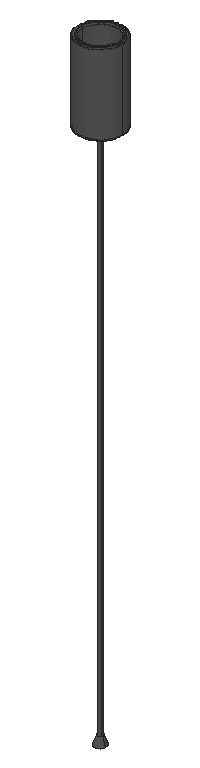
Revit family "CARLO CYLINDER LIGHT Pendant_ Surface", category Lighting Fixtures, host Face, Revit 2020 (continued)
Types (13): name | Wattage_Input | Wattage Comments | Wattage | built-in parameter 1150134 | Size 08 | Size 04 | Photometric Web File | built-in parameter 1150142 | Model | built-in parameter 1150105 | Lumens | built-in parameter 1150107 | built-in parameter 1150106 | Fixture Height | Fixture Diameter | BEAMING ANGLE | Apparent Load
    \n 3.4755 3.3065 3.1398 2.9712 2.8137 2.6865 2.5663 2.4336 2.2967 2.1538 \r\n 2.0159 1.897 1.7863 1.6767 1.5712 1.4689 1.3745 1.2964 1.2235 1.1456 \r\n 1.0695 0.99841 0.93173 0.87105 0.81565 0.76749 0.7202 0.66596 0.61116 0.55871 \r\n 0.51128 0.47536 0.44243 0.40453 0.36641 0.32923 0.29584 0.27157 0.25011 0.22566 \r\n 0.20216 0.18164 0.16412 0.15339 0.14018 0.1121 0.082351 0.060918 0.045086 0.037744 \r\n 0.032078 0.019849 0.0082265 0.002663 0.000072 0 0 0 0 0 \r\n 0 0 0 0 0 0 0 0 0.00037891 0.014648 \r\n 0.031888 0.042853 0.056046 0.07904 0.10538 0.13257 0.15631 0.16762 0.17806 0.19852 \r\n 0.22208 0.24587 0.26864 0.28442 0.3045 0.3437 0.38535 0.41287 0.44073 0.47999 \r\n 0.52432 0.57158 0.62037 0.66773 0.71617 0.76717 0.82085 0.87643 0.93804 1.0137 \r\n 1.091 1.1562 1.2215 1.2968 1.3795 1.4718 1.5693 1.6678 1.7693 1.8721 \r\n 1.983 2.1116 2.2478 2.3834 2.5209 2.6588 2.8 2.945 3.0989 3.271 \r\n 3.4488 3.6206 3.7935 3.9698 4.1523 4.3452 4.5464 4.7573 4.9722 5.1843 \r\n 5.399 5.6163 5.8462 6.1012 6.3732 6.6559 6.9565 7.2837 7.6275 7.9756 \r\n 8.3423 8.7358 9.1613 9.6006 10.132 10.813 11.69 12.845 14.238 15.847 \r\n 17.711 19.475 22.302 27.199 34.274 44.107 56.281 70.765 86.982 104.41 \r\n 122.86 142.03 161.75 181.85 202.01 221.82 241.41 261.06 279.85 297.14 \r\n 312.27 323.65 333.33 342.92 352.06 360.83 369.44 378.15 386.89 395.63 \r\n 404.45 413.48 422.52 431.34 440.17 449.15 458.27 467.51 476.96 486.7 \r\n 496.76 507.09 518.08 530.33 543.16 556.27 569.19 581.07 592.72 604.83 \r\n 616.81 628.24 639.27 649.81 660.17 670.73 681.13 691.09 700.75 710.18 \r\n 719.39 728.39 737.17 745.82 754.01 761.26 768.08 774.96 781.47 787.24 \r\n 792.54 797.47 802.19 806.94 811.64 816.32 820.82 825.03 828.85 832.1 \r\n 834.95 837.48 839.81 842.18 844.37 846.25 847.79 848.77 849.53 850.38 \r\n 849.27 \r\n2.1273 850.95 850.45 849.93 849.03 847.31 845.15 842.9 840.31 837.1 \r\n 833.71 830.71 827.41 823.31 818.45 812.41 806.04 800.16 794.49 789.19 \r\n 783.77 777.78 771.27 763.92 756.46 749.76 743.02 735.6 727.87 720.08 \r\n 712.01 703.5 694.61 685.27 675.66 666 656.12 645.93 635.42 624.52 \r\n 613.25 601.5 589.49 577.51 565.29 552.43 539.59 527.19 515.49 505.17 \r\n 495.44 485.61 476.06 467.06 458.29 449.35 440.69 432.84 425.15 417 \r\n 408.82 400.91 393.01 384.97 376.75 368.31 359.54 350.55 340.63 329.39 \r\n 316.04 299.08 280.22 260.6 240.45 220.51 200.52 180.39 160.47 141.12 \r\n 122.29 103.82 86.448 70.912 57.056 44.671 34.657 28.364 24.238 21.308 \r\n 19.168 16.984 15.069 13.46 12.15 11.181 10.44 9.8452 9.3517 8.8806 \r\n 8.4531 8.0687 7.7138 7.372 7.0508 6.7539 6.475 6.2091 5.9555 5.7098 \r\n 5.4774 5.2703 5.0647 4.8284 4.5992 4.4155 4.2419 4.0484 3.8559 3.6783 \r\n 3.507 3.3373 3.1713 3.0064 2.8513 2.7189 2.5935 2.4632 2.3296 2.1848 \r\n 2.0455 1.9314 1.8254 1.7152 1.6063 1.4976 1.3974 1.3183 1.246 1.1685 \r\n 1.0919 1.0179 0.9482 0.88813 0.83412 0.78605 0.73885 0.68575 0.63181 0.57832 \r\n 0.52986 0.49499 0.46311 0.42433 0.38506 0.34753 0.31433 0.29115 0.27081 0.24674 \r\n 0.22283 0.20026 0.1807 0.1692 0.15674 0.13256 0.10694 0.087458 0.071549 0.06113 \r\n 0.050368 0.030732 0.012228 0.0037902 0.00010653 0 0 0 0 0 \r\n 0 0 0 0 0 0 0 0 0.00020714 0.0075756 \r\n 0.017425 0.025457 0.037487 0.05979 0.08669 0.11718 0.14354 0.15229 0.15964 0.18051 \r\n 0.20522 0.22935 0.25201 0.26657 0.28586 0.32701 0.37039 0.39616 0.42203 0.46172 \r\n 0.50744 0.55698 0.60734 0.65303 0.69929 0.74985 0.80379 0.86024 0.92275 0.99839 \r\n 1.0757 1.142 1.2082 1.2829 1.3639 1.453 1.5476 1.6462 1.7473 1.8449 \r\n 1.951 2.0807 2.2194 2.3564 2.4949 2.6336 2.7754 2.9216 3.0762 3.2474 \r\n 3.424 3.5956 3.7687 3.9451 4.1277 4.3201 4.5216 4.7359 4.9534 5.1614 \r\n 5.3724 5.5925 5.827 6.0861 6.3618 6.6469 6.9497 7.2787 7.6258 7.9825 \r\n 8.3578 8.7555 9.1823 9.613 10.147 10.87 11.8 12.993 14.426 16.08 \r\n 18.001 19.805 22.754 27.957 35.492 46.067 58.897 73.508 89.668 107.02 \r\n 125.46 144.87 164.87 185.13 205.35 225.07 244.45 263.88 282.31 298.86 \r\n 313.34 324.76 334.62 344.15 353.21 362.05 370.77 379.55 388.37 397.23 \r\n 406.14 415.08 424.05 433.02 442.03 451.08 460.3 469.87 479.66 489.57 \r\n 499.66 509.74 520.48 532.77 545.69 558.73 571.53 583.35 594.89 606.8 \r\n 618.61 630.06 641.14 651.63 661.93 672.5 682.9 692.75 702.32 711.75 \r\n 720.98 730 738.79 747.38 755.49 762.69 769.44 776.24 782.63 788.22 \r\n 793.32 798.04 802.62 807.4 812.15 816.72 821.09 825.25 829.06 832.31 \r\n 835.15 837.62 839.89 842.19 844.34 846.25 847.82 848.85 849.64 850.51 \r\n 849.27 \r\n2.1273 851.01 850.48 849.97 849.09 847.43 845.3 842.91 840.17 836.91 \r\n 833.53 830.6 827.39 823.34 818.47 812.33 805.86 799.95 794.29 789.06 \r\n 783.71 777.69 771.14 763.81 756.35 749.53 742.67 735.29 727.64 719.86 \r\n 711.8 703.36 694.54 685.22 675.63 666.07 656.28 646.08 635.51 624.55 \r\n 613.25 601.61 589.72 577.72 565.45 552.55 539.71 527.43 515.81 505.31 \r\n 495.35 485.42 475.86 467.05 458.43 449.36 440.52 432.67 425 416.79 \r\n 408.51 400.5 392.49 384.33 376.03 367.59 358.85 349.82 339.93 328.94 \r\n 315.82 298.81 279.84 260.15 239.98 220.03 200.07 179.97 160.13 140.91 \r\n 122.23 103.8 86.532 71.389 57.856 45.315 35.036 28.63 24.441 21.499 \r\n 19.359 17.137 15.181 13.55 12.227 11.251 10.506 9.8948 9.3865 8.9104 \r\n 8.484 8.1092 7.7627 7.4158 7.087 6.7888 6.51 6.2433 5.9894 5.7453 \r\n 5.5149 5.3097 5.1049 4.8664 4.6341 4.4489 4.2745 4.0817 3.8898 3.7108 \r\n 3.5379 3.3678 3.2022 3.0406 2.8875 2.7499 2.6193 2.4911 2.3606 2.2142 \r\n 2.0736 1.9635 1.8615 1.7506 1.6387 1.5244 1.4188 1.3385 1.2665 1.1898 \r\n 1.1134 1.0365 0.96379 0.90412 0.85119 0.80284 0.75545 0.70342 0.65041 0.59611 \r\n 0.54681 0.51279 0.48177 0.44239 0.4022 0.36404 0.33066 0.30855 0.28937 0.26567 \r\n 0.24136 0.21676 0.19515 0.18287 0.17103 0.15026 0.12835 0.11086 0.095093 0.081782 \r\n 0.066271 0.04 0.015421 0.0046077 0.00013415 0 0 0 0 0 \r\n 0 0 0 0 0 0 0 0 0.000057 0.0013899 \r\n 0.0048262 0.010542 0.021715 0.043113 0.070146 0.10348 0.13211 0.13846 0.14295 0.16417 \r\n 0.18997 0.21465 0.23752 0.2513 0.27002 0.31251 0.35707 0.3816 0.40615 0.44634 \r\n 0.49325 0.54455 0.59611 0.64059 0.68524 0.73542 0.78944 0.8464 0.90939 0.98469 \r\n 1.0619 1.1294 1.1969 1.2708 1.3501 1.4363 1.5284 1.6273 1.7283 1.8215 \r\n 1.9237 2.054 2.1947 2.3333 2.4731 2.6119 2.7539 2.9014 3.0569 3.227 \r\n 3.4024 3.5738 3.747 3.9239 4.1069 4.2985 4.5 4.7176 4.9376 5.1421 \r\n 5.3496 5.5723 5.8111 6.0739 6.3527 6.6394 6.9433 7.2733 7.6228 7.9868 \r\n 8.3696 8.7713 9.1997 9.6233 10.161 10.922 11.902 13.133 14.605 16.302 \r\n 18.274 20.116 23.176 28.65 36.603 47.877 61.331 76.08 92.205 109.5 \r\n 127.93 147.58 167.83 188.19 208.4 227.99 247.18 266.41 284.51 300.39 \r\n 314.3 325.75 335.8 345.27 354.27 363.18 372.01 380.86 389.73 398.7 \r\n 407.68 416.54 425.44 434.55 443.74 452.83 462.13 472.01 482.12 492.18 \r\n 502.3 512.19 522.72 535.06 548.06 561.03 573.73 585.48 596.93 608.63 \r\n 620.26 631.72 642.84 653.29 663.55 674.13 684.53 694.3 703.78 713.19 \r\n 722.43 731.48 740.28 748.8 756.83 763.99 770.71 777.41 783.65 789.05 \r\n 793.95 798.52 803 807.83 812.62 817.08 821.32 825.44 829.23 832.48 \r\n 835.32 837.75 839.96 842.21 844.32 846.24 847.85 848.93 849.77 850.63 \r\n 849.27 \r\n2.1273 851.06 850.56 850.01 849.09 847.48 845.39 842.94 840.14 836.87 \r\n 833.51 830.69 827.56 823.47 818.55 812.41 805.95 800.03 794.37 789.14 \r\n 783.8 777.82 771.31 763.99 756.53 749.7 742.85 735.51 727.89 720.11 \r\n 712.07 703.68 694.92 685.66 676.13 666.64 656.91 646.73 636.18 625.24 \r\n 613.97 602.45 590.67 578.67 566.37 553.47 540.62 528.4 516.81 506.2 \r\n 496.12 486.18 476.64 467.84 459.23 450.13 441.27 433.37 425.65 417.39 \r\n 409.07 400.99 392.9 384.63 376.24 367.82 359.11 350.07 340.21 329.44 \r\n 316.57 299.76 280.92 261.22 240.98 220.98 200.96 180.76 160.85 141.73 \r\n 123.18 104.84 87.647 72.638 59.17 46.48 35.963 29.29 24.871 21.859 \r\n 19.696 17.41 15.393 13.726 12.374 11.365 10.59 9.9629 9.445 8.963 \r\n 8.5334 8.1564 7.8078 7.4569 7.1239 6.823 6.5418 6.2729 6.0172 5.7721 \r\n 5.541 5.3346 5.1291 4.8915 4.6595 4.4711 4.2932 4.0992 3.9071 3.7279 \r\n 3.555 3.3844 3.2184 3.0568 2.9032 2.7632 2.6303 2.5025 2.3727 2.2251 \r\n 2.0832 1.9737 1.8723 1.761 1.6483 1.5328 1.4261 1.3448 1.2727 1.1979 \r\n 1.1231 1.0449 0.97015 0.90985 0.85634 0.80639 0.75769 0.70608 0.65383 0.59956 \r\n 0.55007 0.51568 0.48445 0.4457 0.40588 0.36641 0.33172 0.30994 0.29144 0.26796 \r\n 0.24341 0.21747 0.19456 0.18219 0.17075 0.15046 0.12927 0.11307 0.098176 0.083977 \r\n 0.067145 0.040053 0.014982 0.0043042 0.00013018 0 0 0 0 0 \r\n 0 0 0 0 0 0 0 0 0.000057 0.0013259 \r\n 0.0048406 0.011308 0.022869 0.042798 0.068396 0.10246 0.13178 0.13643 0.13928 0.16117 \r\n 0.18822 0.21356 0.23694 0.25124 0.27017 0.31199 0.35591 0.38074 0.40588 0.44679 \r\n 0.49414 0.54471 0.59555 0.64054 0.68585 0.73606 0.78975 0.84595 0.90792 0.98166 \r\n 1.0579 1.1271 1.1964 1.27 1.3481 1.4333 1.5248 1.6247 1.727 1.8204 \r\n 1.9224 2.0523 2.1927 2.3319 2.4722 2.6096 2.7502 2.8985 3.0551 3.2248 \r\n 3.3994 3.5702 3.7431 3.9207 4.1041 4.2943 4.4944 4.7138 4.9354 5.1382 \r\n 5.3438 5.5672 5.8074 6.0707 6.3496 6.6349 6.937 7.2658 7.6143 7.9775 \r\n 8.3603 8.7631 9.1933 9.6166 10.159 10.939 11.943 13.202 14.703 16.422 \r\n 18.417 20.271 23.379 28.97 37.116 48.725 62.515 77.468 93.709 111.01 \r\n 129.42 149.15 169.44 189.65 209.65 229.06 248.08 267.19 285.16 300.75 \r\n 314.41 325.87 335.99 345.44 354.43 363.41 372.32 381.25 390.19 399.22 \r\n 408.25 417.12 426.04 435.27 444.57 453.65 462.95 472.94 483.19 493.35 \r\n 503.54 513.49 524.08 536.49 549.53 562.48 575.12 586.79 598.15 609.73 \r\n 621.25 632.66 643.78 654.25 664.52 675.1 685.48 695.19 704.62 714.03 \r\n 723.28 732.37 741.18 749.65 757.63 764.82 771.55 778.13 784.22 789.43 \r\n 794.19 798.71 803.19 808.02 812.8 817.18 821.36 825.49 829.31 832.53 \r\n 835.35 837.77 839.97 842.21 844.3 846.2 847.82 848.97 849.87 850.71 \r\n 849.27 \r\n2.1273 851.11 850.67 850.05 849.04 847.45 845.42 843.01 840.22 836.97 \r\n 833.65 830.94 827.91 823.69 818.66 812.63 806.31 800.41 794.72 789.43 \r\n 784.05 778.17 771.78 764.47 757.01 750.29 743.55 736.25 728.64 720.86 \r\n 712.82 704.46 695.76 686.6 677.17 667.7 657.98 647.88 637.42 626.56 \r\n 615.39 604 592.32 580.35 568.04 555.16 542.34 530.09 518.48 507.83 \r\n 497.76 487.9 478.41 469.44 460.67 451.68 442.94 434.96 427.13 418.85 \r\n 410.51 402.4 394.26 385.89 377.43 369.03 360.38 351.33 341.51 330.92 \r\n 318.33 301.96 283.49 263.83 243.49 223.4 203.23 182.78 162.68 143.61 \r\n 125.18 106.96 89.817 74.664 60.986 48.146 37.422 30.333 25.521 22.382 \r\n 20.172 17.799 15.705 13.987 12.59 11.519 10.691 10.048 9.5266 9.0379 \r\n 8.6007 8.2094 7.848 7.4942 7.1607 6.8554 6.5696 6.2972 6.0381 5.7893 \r\n 5.5547 5.3442 5.1363 4.9028 4.6744 4.4813 4.2973 4.1007 3.9075 3.7293 \r\n 3.5575 3.3867 3.2195 3.0547 2.8982 2.7585 2.6263 2.4973 2.3658 2.2173 \r\n 2.0742 1.9615 1.8575 1.7462 1.6349 1.5228 1.4191 1.3372 1.2644 1.1926 \r\n 1.1209 1.0428 0.96725 0.90533 0.84963 0.79679 0.7457 0.6938 0.6421 0.58872 \r\n 0.53973 0.50373 0.47114 0.43422 0.39606 0.35474 0.3177 0.29542 0.27692 0.25347 \r\n 0.22889 0.20245 0.17912 0.16734 0.15598 0.13321 0.1097 0.09402 0.080667 0.067637 \r\n 0.052993 0.030973 0.011044 0.0029544 0.000096 0 0 0 0 0 \r\n 0 0 0 0 0 0 0 0 0.00020714 0.0073882 \r\n 0.017468 0.027692 0.040863 0.058938 0.081704 0.11433 0.14263 0.14638 0.14893 0.17183 \r\n 0.20022 0.22629 0.25046 0.26659 0.28652 0.32575 0.36726 0.39392 0.42158 0.46339 \r\n 0.51037 0.55782 0.60611 0.65329 0.70146 0.75214 0.80514 0.85945 0.91903 0.99014 \r\n 1.0648 1.1359 1.2076 1.2813 1.3587 1.4447 1.5378 1.6395 1.7444 1.8425 \r\n 1.948 2.0766 2.2144 2.3533 2.493 2.6278 2.766 2.9144 3.0719 3.242 \r\n 3.4167 3.5866 3.7586 3.9371 4.121 4.309 4.507 4.7263 4.9485 5.1515 \r\n 5.357 5.5795 5.818 6.0789 6.3546 6.6359 6.9338 7.2592 7.6035 7.9586 \r\n 8.3342 8.7356 9.1681 9.5981 10.147 10.924 11.929 13.207 14.726 16.446 \r\n 18.433 20.28 23.372 28.932 37.049 48.619 62.447 77.666 94.181 111.55 \r\n 129.93 149.59 169.7 189.51 209.1 228.29 247.19 266.26 284.25 299.95 \r\n 313.7 325.14 335.2 344.67 353.7 362.74 371.72 380.72 389.73 398.78 \r\n 407.83 416.81 425.86 435.17 444.5 453.53 462.75 472.66 482.86 493.04 \r\n 503.36 513.63 524.54 537.04 550.1 563.05 575.68 587.27 598.54 610.08 \r\n 621.57 632.89 643.95 654.5 664.85 675.4 685.73 695.41 704.83 714.25 \r\n 723.53 732.66 741.5 749.93 757.88 765.16 771.94 778.4 784.32 789.38 \r\n 794.03 798.62 803.18 807.98 812.69 817.04 821.21 825.41 829.28 832.46 \r\n 835.23 837.68 839.93 842.19 844.29 846.15 847.73 848.97 849.94 850.73 \r\n 849.27 \r\n2.1273 851.15 850.78 850.07 848.98 847.41 845.44 843.07 840.33 837.1 \r\n 833.82 831.22 828.25 823.91 818.76 812.88 806.74 800.86 795.14 789.76 \r\n 784.34 778.57 772.31 765.02 757.58 751 744.39 737.12 729.51 721.73 \r\n 713.68 705.34 696.68 687.63 678.31 668.85 659.14 649.11 638.75 628 \r\n 616.94 605.67 594.1 582.16 569.86 557.02 544.21 531.93 520.26 509.61 \r\n 499.55 489.79 480.35 471.17 462.21 453.36 444.77 436.71 428.74 420.45 \r\n 412.11 403.97 395.79 387.35 378.83 370.46 361.85 352.8 343.03 332.6 \r\n 320.28 304.38 286.33 266.76 246.38 226.18 205.85 185.13 164.8 145.73 \r\n 127.39 109.27 92.166 76.78 62.811 49.827 38.92 31.406 26.188 22.916 \r\n 20.658 18.2 16.031 14.259 12.813 11.677 10.795 10.136 9.6116 9.1163 \r\n 8.6708 8.2627 7.8861 7.5296 7.1961 6.8866 6.596 6.3198 6.0572 5.8046 \r\n 5.5661 5.3507 5.1401 4.9116 4.6877 4.4898 4.2992 4.0998 3.9055 3.7282 \r\n 3.5579 3.3872 3.219 3.0503 2.8903 2.7515 2.6208 2.4901 2.3564 2.2072 \r\n 2.063 1.9463 1.8388 1.7275 1.6182 1.5104 1.4106 1.3281 1.2543 1.1854 \r\n 1.1169 1.0393 0.96334 0.89975 0.84165 0.78573 0.73206 0.67969 0.62845 0.57627 \r\n 0.52801 0.49009 0.45582 0.42086 0.38461 0.34159 0.30219 0.27895 0.26002 0.23647 \r\n 0.21197 0.18545 0.16208 0.15079 0.13921 0.11334 0.086933 0.071587 0.05985 0.048321 \r\n 0.036456 0.020527 0.0066925 0.0015187 0.000058 0 0 0 0 0 \r\n 0 0 0 0 0 0 0 0 0.00037891 0.014351 \r\n 0.031954 0.04636 0.061387 0.07793 0.097939 0.12843 0.15511 0.1584 0.16123 0.18506 \r\n 0.21462 0.24149 0.26665 0.28506 0.30634 0.34256 0.38131 0.41036 0.44115 0.48375 \r\n 0.53008 0.57416 0.61977 0.6695 0.72097 0.77224 0.82457 0.87699 0.93419 1.0027 \r\n 1.0759 1.1488 1.2227 1.2967 1.3735 1.4613 1.5566 1.6601 1.7675 1.8711 \r\n 1.9811 2.1083 2.2434 2.3815 2.5204 2.6527 2.7887 2.9377 3.0963 3.2667 \r\n 3.4412 3.6107 3.7825 3.962 4.1465 4.3327 4.5285 4.7474 4.9699 5.1739 \r\n 5.3801 5.6017 5.8384 6.0965 6.3688 6.6461 6.9399 7.2617 7.6016 7.9487 \r\n 8.3177 8.7183 9.1538 9.593 10.15 10.923 11.926 13.222 14.758 16.474 \r\n 18.451 20.293 23.368 28.878 36.93 48.387 62.188 77.687 94.507 111.97 \r\n 130.33 149.87 169.75 189.13 208.3 227.26 246.04 265.09 283.14 299.03 \r\n 312.96 324.35 334.33 343.82 352.91 361.99 371.01 380.08 389.15 398.19 \r\n 407.26 416.36 425.54 434.91 444.26 453.23 462.35 472.14 482.25 492.42 \r\n 502.85 513.51 524.81 537.41 550.45 563.42 576.03 587.56 598.76 610.29 \r\n 621.75 632.96 643.94 654.56 665 675.52 685.8 695.48 704.9 714.33 \r\n 723.62 732.78 741.65 750.06 757.99 765.36 772.2 778.54 784.29 789.2 \r\n 793.78 798.47 803.15 807.9 812.55 816.87 821.04 825.3 829.23 832.36 \r\n 835.06 837.56 839.88 842.17 844.29 846.1 847.65 848.96 850 850.73 \r\n 849.27 \r\n2.1273 851.17 850.86 850.08 848.9 847.36 845.45 843.13 840.44 837.24 \r\n 833.99 831.47 828.54 824.08 818.85 813.14 807.19 801.33 795.57 790.12 \r\n 784.64 778.97 772.84 765.59 758.2 751.76 745.29 738.03 730.41 722.61 \r\n 714.56 706.23 697.61 688.68 679.46 670 660.29 650.33 640.07 629.42 \r\n 618.46 607.32 595.86 583.96 571.69 558.89 546.1 533.76 522.04 511.38 \r\n 501.34 491.68 482.28 472.87 463.71 455 446.59 438.44 430.35 422.05 \r\n 413.72 405.55 397.34 388.84 380.28 371.94 363.38 354.34 344.61 334.34 \r\n 322.27 306.81 289.18 269.77 249.4 229.11 208.61 187.64 167.08 147.96 \r\n 129.64 111.61 94.508 78.832 64.523 51.396 40.329 32.418 26.819 23.423 \r\n 21.12 18.587 16.351 14.525 13.028 11.829 10.895 10.221 9.695 9.1935 \r\n 8.7397 8.3144 7.9221 7.5627 7.2294 6.9161 6.6211 6.3412 6.0751 5.8189 \r\n 5.5766 5.3563 5.143 4.9197 4.7007 4.4982 4.3014 4.0993 3.904 3.7275 \r\n 3.5584 3.3886 3.2198 3.0471 2.8834 2.7457 2.6166 2.4841 2.3482 2.1985 \r\n 2.0533 1.9323 1.8209 1.7096 1.6025 1.4992 1.4034 1.3202 1.2454 1.179 \r\n 1.1132 1.0364 0.96029 0.89524 0.8349 0.77599 0.71977 0.66681 0.61597 0.56516 \r\n 0.5178 0.47783 0.44171 0.40858 0.37424 0.32994 0.2885 0
